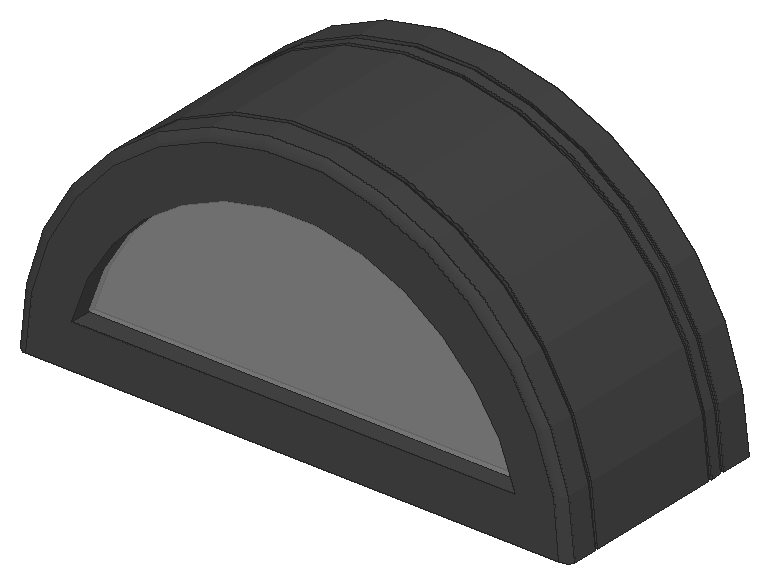
Revit family "RWSC", category Lighting Fixtures, host Face, Revit 2014
Parameters (values of type "RWSC")
  Width 1 = 5.000"
  Width = 11.630"
  Watts = 25 W
  Wattage Comments = "25"
  Wattage = 9.2903 W
  Warranty = "5 years Warranty"  # constant formula
  built-in parameter 1150110 = 1 (stored number, unit not read)
  Voltage = 120 V
  URL = "https://www.hubbell.com/securitylighting/en"
  built-in parameter 1114217 = 1 (stored number, unit not read)
  Tilt Angle = 60.00°
  built-in parameter 1150109 = 1 (stored number, unit not read)
  built-in parameter 1150134 = 3
  built-in parameter 1150113 = 1 (stored number, unit not read)
  Reflector Finish = Hubbell - White Glass
  Product Page URL = "https://www.hubbell.com/securitylighting/en/Products/Lighting-Controls/Commercial-Outdoor-Lighting/Wall-Mount/RWSC/p/2859614"
  Product Doucmentation Link = "https://hubbellcdn.com/specsheet/SL0027_RWS.pdf"
  Power Factor = 1
  Photometric Web File = "generic"
  built-in parameter 1150142 = (empty or 0)
  Model = "RWSC"  # constant formula
  Manufacturer = "Security Lighting"  # constant formula
  built-in parameter 1150105 = 109.82 (stored number, unit not read)
  Lumens = 1380 lm
  built-in parameter 1150115 = 1 (stored number, unit not read)
  Load Classification = Lighting
  built-in parameter 1150137 = (empty or 0)
  built-in parameter 1150139 = (empty or 0)
  Length = 48.000"
  built-in parameter 1150112 = 1 (stored number, unit not read)
  built-in parameter 1150114 = 1 (stored number, unit not read)
  Lamp = "LED"  # constant formula
  built-in parameter 1150132 = (empty or 0)
  built-in parameter 1150102 = (empty or 0)
  built-in parameter 1150107 = 3200 (stored number, unit not read)
  built-in parameter 1150138 = (empty or 0)
  built-in parameter 1150106 = 1.0982 (stored number, unit not read)
  Housing Material = Paint - Hubbell - Carbon Black
  Features = "Durable cast aluminum housing\r\n• Integrated design eliminates high angle brightness\r\n• Completely sealed, flat tempered glass lenses, UL listed for use in wet\r\nlocations\r\n• DLC, Downlight only, full cut-off"  # constant formula
  built-in parameter 1150104 = 13.8 (stored number, unit not read)
  Dimming Lamp Color Temperature Shift = <None>
  Description = "The RWSC LED radius wall sconce series offers a combination of light distributions that wash the building facade while the radial soft form housing accentuates building architectural design elements in all commercial and residential applications."  # constant formula
  Default Elevation = 48.000"
  Copyright = "© 2020 Security Lighting"  # constant formula
  Contact = "https://www.hubbell.com/securitylighting/en/contactUs"
  Connector Description = "Lighting Connector"  # constant formula
  Color Filter = 16777215
  built-in parameter 1114216 [instance] = (empty or 0)
  built-in parameter 1114218 = 1 (stored number, unit not read)
  built-in parameter 1150133 = 10 (stored number, unit not read)
  Assembly Code = "D5020200"
  Apparent Load = Watts / Power Factor  # 25 VA
Reference planes (in)
  plane 1 "Center (Front/Back)": y = 0
  plane 2: z = 0
  plane 3 "Center (Left/Right)": x = 0
  plane 4: z = 9.34
  plane 5: x = -9
  plane 6: x = 9
  plane 7: y = 3.625
  plane 8: y = -3.625
Forms (in)
  Extrusion 1, solid, material "Paint - Hubbell - Carbon Black" <- "Housing Material", not visible
    sketch origin (5.5, 0, 0) x (1, 0, 0) y (0, 0, -1)
      loop
        line (-22.47056, -3.79487) -> (-22.47056, 0) -> (-23.47056, 0) -> (-23.47056, -3.79487) -> (-22.47056, -3.79487)
    from 2.03263 to 2.15664
  Extrusion 2, solid, material "Paint - Hubbell - Carbon Black" <- "Housing Material", not visible
    sketch origin (5.5, 0, 0) x (0, -1, 0) y (0, 0, -1)
      loop
        line (2.03263, -0.0089) -> (2.03263, -0.1089) -> (6.53263, -0.1089) -> (6.53263, -0.0089) -> (2.03263, -0.0089)
    from 16.97056 to 17.97056
  Extrusion 3, solid, not visible
    sketch origin (-17, 0, 0) x (0, 1, 0) y (0, 0, 1)
      loop
        line (-2.03263, 3.74239) -> (-2.13263, 3.74239) -> (-2.13263, 0.2678)
        arc (-2.13263, 0.2678) -> (-2.18177, 0.14915) -> (-2.30043, 0.1) r 0.1678
        line (-2.30043, 0.1) -> (-6.03263, 0.1) -> (-6.03263, 0) -> (-2.17041, 0)
        arc (-2.17041, 0) -> (-2.07298, 0.04035) -> (-2.03263, 0.13778) r 0.13778
        line (-2.03263, 0.13778) -> (-2.03263, 3.74239)
    from 16.91201 to 18
  Extrusion 4, solid, material "Paint - Hubbell - Carbon Black" <- "Housing Material"
    sketch origin (0, 0, 0) x (1, 0, 0) y (0, 0, 1)
      loop
        line (-9, 0) -> (9, 0)
        arc (9, 0) -> (0, 9) -> (-9, 0) r 9
    from -3.625 to 3.625
  Sweep 5, void
    path in 3D
      loop
        arc (-9, -3.625, 0) -> (0, -3.625, 9) -> (9, -3.625, 0) r 9
    profile origin (0, -3.625, 9) x (0, 0, 1) y (0, -1, 0)
      loop
        line (0.01562, -1) -> (-0.10114, -1) -> (-0.10114, -1.15127) -> (0.01562, -1.15127) -> (0.01562, -1)
      loop
        line (0.03125, -6.25) -> (0.03125, -6.09873) -> (-0.08552, -6.09873) -> (-0.08552, -6.25) -> (0.03125, -6.25)
      loop
        line (0.03125, -5.75) -> (0.03125, -5.59873) -> (-0.08552, -5.59873) -> (-0.08552, -5.75) -> (0.03125, -5.75)
  Extrusion 6, void
    sketch origin (0, 0, 0) x (1, 0, 0) y (0, 0, 1)
      loop
        line (-7.14909, 1.44465) -> (7.23647, 1.44465)
        arc (7.23647, 1.44465) -> (0.04369, 7.0472) -> (-7.14909, 1.44465) r 7.41846
    from 2.75731 to 3.625
  Extrusion 7, solid, material "Hubbell - White Glass" <- "Reflector Finish"
    sketch origin (0, 0, 0) x (1, 0, 0) y (0, 0, 1)
      loop
        line (-7.14909, 1.44465) -> (7.23647, 1.44465)
        arc (7.23647, 1.44465) -> (0.04369, 7.0472) -> (-7.14909, 1.44465) r 7.41846
    from 2.75731 to 2.99168
  Sweep 8, void
    path in 3D
      loop
        arc (-9, -3.625, 0) -> (0, -3.625, 9) -> (9, -3.625, 0) r 9
    profile origin (0, -3.625, 9) x (0, 0, 1) y (0, -1, 0)
      loop
        line (0.04869, -0.28906) -> (0.04869, 0) -> (-0.33788, 0)
        arc (-0.33788, 0) -> (-0.10716, -0.09447) -> (0.04869, -0.28906) r 0.49722
Cuts and joins
  Sweep 5, Extrusion 6, Sweep 8 cuts Extrusion 4
Lines and regions (in)
  sketch lines
    curve 1: arc (-9, -3.625, 0) -> (0, -3.625, 9) -> (9, -3.625, 0) r 9
    curve 2: arc (-9, -3.625, 0) -> (0, -3.625, 9) -> (9, -3.625, 0) r 9
Dimensions and locks (in)
  plane 4 to plane 2 = 9.340"  (x2)
  aligned and locked: plane 2 to host face
  aligned and locked: level to host face
  aligned and locked: plane 8 to Extrusion 6
Connectors (in)
  electrical at (0, 3.625, 0)
    settings: on cut or joined group of Extrusion 4, Sweep 5, Extrusion 6, Sweep 8, index 1, voltage 120 V, apparent load 25 VA, apparent load phase1 0 VA, apparent load phase2 0 VA, apparent load phase3 0 VA, power factor 1, load classification "Other", number of poles 1, system type 30, power factor state 1, is connector primary yes, connector utility no, sub classification motor no, connector description "Lighting Connector"
